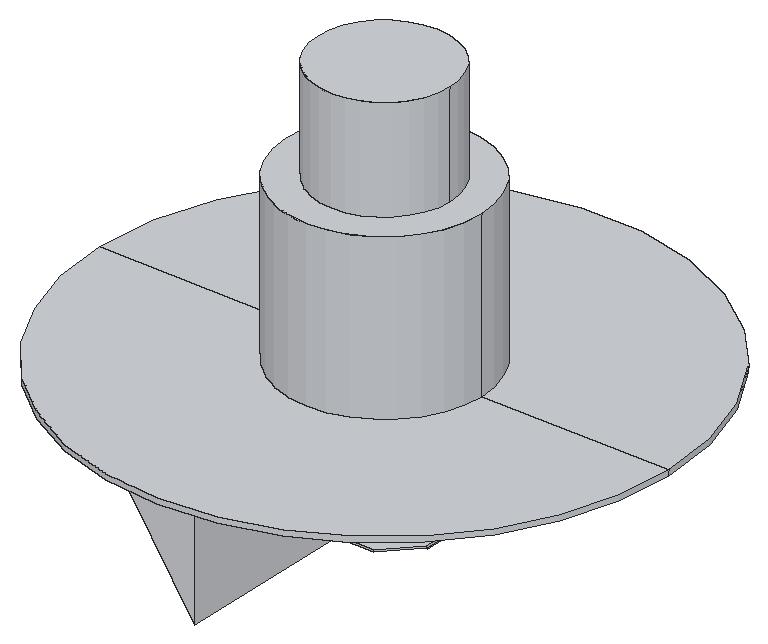
Revit family "XLHC", category Sprinklers, Revit 2016
Family settings
  Maintain Annotation Orientation = No
  Part Type = Normal
  Round Connector Dimension = Use Diameter
  OmniClass Number = 23.85.30.21
  OmniClass Title = Environmental Detection/Registration
  Work Plane-Based = No
  Always vertical = Yes
  Cut with Voids When Loaded = No
  Shared = No
  Room Calculation Point = No
Parameters (values of type "RASCO XL INST HSW")
  Temperature Rating = 165 °F
  Response = Quick
  RASCO SIN # = "R1334"
  RASCO Part # = "XLHC"
  Pressure Rating = "21.6"
  Pressure Class = Standard
  Orifice Size = 7/16"
  Orifice = Standard
  Model = "XL INST HSW"
  Manufacturer = "RASCO"
  K-Factor = 5.6
  Diameter = 5 5/128"
  Description = "CHROME FINISH"
  Coverage = Standard
Reference planes (in)
  plane 1 "Center (Front/Back)": y = 0
  plane 2: z = 0
  plane 3 "Center (Left/Right)": x = 0
Nested families (in)
  nested 1: "RASCO- XLHC" at (0, 1.12168, 0), type "RASCO XL INSTITUTIONAL"
Connectors (in)
  piping at (0, 1.12168, 2.509), diameter 0.8125
    settings: on nested 1, index 1, connector inside diameter 24", connector length 0' - 0", flow factor 0, pipe flow 0 GPM, pressure drop 0.00 psi, fitting loss kfactor 0, connector angle 0.00°, fixture units 0, engagement length 0' - 0", angle of deflection 0.00°, flow configuration 0, flow direction 0, fitting loss method 0, system type 7, joint type 0, gender type 0, connector reference index -1, connector utility 0, adjustable connector no, is connector primary yes, connector description ""
Definition of nested family "RASCO- XLHC"
  Parameters (values of type "RASCO XL INSTITUTIONAL")
    Type Comments = ""
    Temperature Rating = 0 °F
    Response = (empty or 0)
    Pressure Rating = "0"
    Pressure Class = (empty or 0)
    Orifice Size = 0"
    Orifice = (empty or 0)
    Model = ""
    Manufacturer = ""
    K-Factor = 0
    Coverage = (empty or 0)
    Assembly Code = ""
  Reference planes (in)
    plane 1 "Center (Front/Back)": y = 0
    plane 2: z = 0
    plane 3 "Center (Left/Right)": x = 0
    plane 4 "ref.2": z = 0.873
    plane 5 "ref.3": z = 1.878
    plane 6 "ref. 4": z = 0.294
    plane 7: z = 0.166
    plane 8: z = 0.363
    plane 9 "ref. 5": z = 0.06291
  Forms (in)
    Extrusion 1, solid
      sketch origin (0, 0, 0.873) x (-1, 0, 0) y (0, -1, 0)
        loop
          circle (0, 0) r 0.598
      from 0 to 1.005
    Extrusion 2, solid
      sketch origin (0, 0, 1.75079) x (-1, 0, 0) y (0, -1, 0)
        loop
          circle (0, 0) r 0.405
      from 0.12721 to 0.75821
    Revolve 3, solid
      sketch origin (0, 0, 0.363) x (1, 0, 0) y (0, 0, 1)
        loop
          line (0, 0.51) -> (-1.75, 0.51) -> (-1.75, 0.475) -> (-0.628, 0) -> (0, 0) -> (0, 0.51)
        axis (0, 0.51) -> (0, 0)
      angle from 0 to 360
    Extrusion 4, solid
      sketch origin (0, 0, 0.294) x (0, -1, 0) y (1, 0, 0)
        loop
          circle (0, 0) r 0.614
      from 0.069 to 0
    Revolve 5, solid
      sketch origin (0, 0, 0) x (1, 0, 0) y (0, 0, 1)
        loop
          line (-0.5, 0.294) -> (-0.20877, 0.166) -> (0, 0.166) -> (0, 0.294) -> (-0.5, 0.294)
        axis (0, 0.294) -> (0, 0.166)
      angle from 0 to 360
    Extrusion 6, solid
      sketch origin (0, 0, 0) x (1, 0, 0) y (0, 0, 1)
        loop
          line (-0.34833, 0.24105) -> (-0.37436, 0.19597)
          arc (-0.37436, 0.19597) -> (-0.38219, 0.17257) -> (-0.38025, 0.14797) r 0.06189
          line (-0.38025, 0.14797) -> (-0.35586, 0.06291) -> (-0.39443, 0.0359) -> (-0.35853, 0) -> (-0.31379, 0.03133)
          arc (-0.31379, 0.03133) -> (-0.3038, 0.04447) -> (-0.30329, 0.06097) r 0.02708
          line (-0.30329, 0.06097) -> (-0.32899, 0.15061)
          arc (-0.32899, 0.15061) -> (-0.33022, 0.16619) -> (-0.32526, 0.18101) r 0.03919
          line (-0.32526, 0.18101) -> (-0.30503, 0.21605) -> (-0.34833, 0.24105)
        loop
          line (0.34833, 0.24105) -> (0.30503, 0.21605) -> (0.32526, 0.18101)
          arc (0.32526, 0.18101) -> (0.33022, 0.16619) -> (0.32899, 0.15061) r 0.03919
          line (0.32899, 0.15061) -> (0.30329, 0.06097)
          arc (0.30329, 0.06097) -> (0.3038, 0.04447) -> (0.31379, 0.03133) r 0.02708
          line (0.31379, 0.03133) -> (0.35853, 0) -> (0.39443, 0.0359) -> (0.35586, 0.06291) -> (0.38025, 0.14797)
          arc (0.38025, 0.14797) -> (0.38219, 0.17257) -> (0.37436, 0.19597) r 0.06189
          line (0.37436, 0.19597) -> (0.34833, 0.24105)
      from -0.11113 to 0.11041
    Extrusion 7, solid
      sketch origin (-0.0518, -0.12961, 0.06291) x (-1, 0, 0) y (0, -1, 0)
        loop
          line (0.19208, -0.51961) -> (0.3692, -0.32259) -> (0.3692, 0.06101) -> (0.18997, 0.26039) -> (-0.29859, 0.26039) -> (-0.4728, 0.06659) -> (-0.4728, -0.32111) -> (-0.29435, -0.51961) -> (0.19208, -0.51961)
      from 0 to 0.012
    Extrusion 8, solid
      sketch origin (0, 0, 0) x (1, 0, 0) y (0, 0, 1)
        loop
          line (-0.66, 0.363) -> (-0.66, 0.838) -> (-1.59355, 0.838) -> (-0.66, -0.54605) -> (-0.66, 0.363)
      from -0.635 to 0.635
